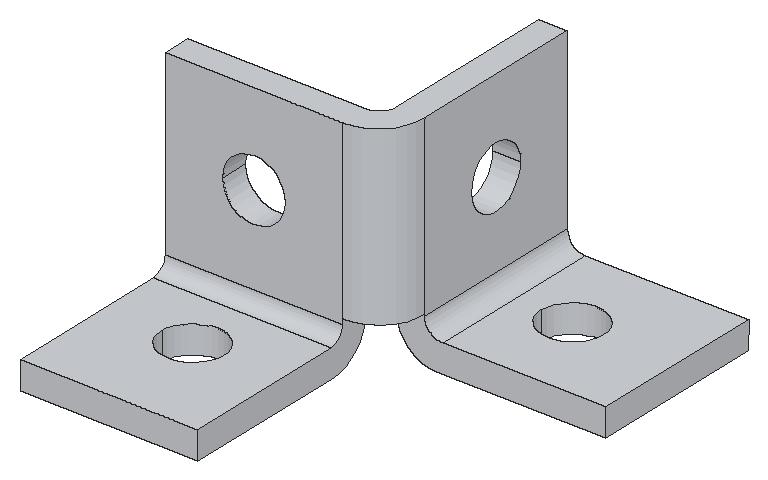
Revit family "Fitting-Wing_Shape-Unistrut-P2223", category Specialty Equipment, Revit 2012
Parameters (values of type "P2223")
  ecoScorecard_data = "http://products.ecoscorecard.com/atkore/P2223"
  ecoScorecard Product Page = "http://products.ecoscorecard.com/atkore/P2223?action=html"
  Weight Per Piece = 0.76 lbf
  Unit = none
  Unistrut Part Number = "P2223"  # constant formula
  URL = "http://unistrut.us/index.php"
  Thickness = 0' - 0 1/4"
  Subcategory = "Wing Shape Fittings"  # constant formula
  Product Page URL = "http://unistrut.us/index.php?WP=cat_detail&S=S05&P=P2223"
  Power Strut Part Number = "PS 665"  # constant formula
  Part Type = "Fitting"  # constant formula
  Overall Width = 0' - 3 1/2"
  Overall Length = 0' - 3 1/2"
  Overall Height = 0' - 2"
  Model = "P2223"
  Material = ""
  Manufacturer Phone - Toll Free = "800-882-5543"  # constant formula
  Manufacturer Phone = "708-339-1610"  # constant formula
  Manufacturer Fax = "708-339-7814"  # constant formula
  Manufacturer Email = "mailto:jshaw@atkore.com"
  Manufacturer Address = "16100 South Lathrop Avenue, Harvey, IL 60426"  # constant formula
  Manufacturer = "Unistrut by Atkore International"  # constant formula
  Load Capacity Note = "Visit the product page for load application and capacity."  # constant formula
  Literature URL = "http://unistrut.us/index.php?WP=LItLibrary"
  Hole Diameter = 0' - 0 9/16"
  Cost Info = "mailto:jshaw@atkore.com"
  CAD URL = "http://unistrut.us/index.php?WP=CAD3d"
  Assembly Code = "D5020100"
  95 CSI = "16070"  # constant formula
  04 CSI = "26 05 48"  # constant formula
Reference planes (in)
  plane 1 "Center (Front/Back)": y = 0
  plane 2: z = 0
  plane 3 "Center (Left/Right)": x = 0
  plane 4: z = 2
  plane 5: x = -1.75
  plane 6: x = 1.75
  plane 7: y = 1.75
  plane 8: y = -1.75
  plane 9: x = 1.875
  plane 10: y = -1.875
  plane 11: z = 0.25
  plane 12: x = 0.9375
  plane 13: y = -0.9375
  plane 14: y = 0.95374
  plane 15: x = -0.95374
  plane 16: z = 1.17776
Dimensions and locks (in)
  "Overall Height": plane 4 to plane 2
  equal spacing: plane 5, plane 3 "Center (Left/Right)", plane 6
  "Overall Width": plane 5 to plane 6
  equal spacing: plane 7, plane 1 "Center (Front/Back)", plane 8
  "Overall Length": plane 7 to plane 8
  plane 3 "Center (Left/Right)" to plane 9 = 0' - 1 7/8"
  plane 1 "Center (Front/Back)" to plane 10 = 0' - 1 7/8"
  "Thickness": plane 11 to plane 2
  aligned and locked: level to plane 2
  aligned and locked: level to nested 1
Nested families (in)
  nested 1: "2223" at (0, 0, 2) x (1, 0, 0) z (0, 0, -1), type "2223"
Definition of nested family "2223"
  Parameters (values of type "P223")
    Width = 0' - 3 1/2"
    Unit = none
    Thickness = 0' - 0 1/4"
    Height = 0' - 2"
    Radiuis = Diameter / 2  # 0' - 0 9/32"
    Length = 0' - 3 1/2"
    Diameter = 0' - 0 9/16"
    Default Elevation = 0' - 0"
    Bolt Length [instance] = 0' - 1 1/2"
  Reference planes (in)
    plane 1 "Center (Front/Back)": y = 0
    plane 2: z = 0
    plane 3 "Center (Left/Right)": x = 0
    plane 4: x = -1.75
    plane 5: x = 1.75
    plane 6: y = -1.75
    plane 7: y = 1.75
    plane 8: z = 2
    plane 9: z = 1.5748
    plane 10: y = 0.95374
    plane 11: z = 0.82224
    plane 12: x = -0.95374
    plane 13: x = 1.875
    plane 14: y = -1.875
  Forms (in)
    Extrusion 1, solid, material <- "Unit"
      sketch origin (0, 0, 0) x (1, 0, 0) y (0, 0, 1)
        loop
          line (0, 1.64449) -> (0, 0) -> (0.25, 0) -> (0.25, 1.58833)
          arc (0.25, 1.58833) -> (0.29735, 1.70265) -> (0.41167, 1.75) r 0.16167
          line (0.41167, 1.75) -> (1.875, 1.75) -> (1.875, 2) -> (0.35551, 2)
          arc (0.35551, 2) -> (0.10413, 1.89587) -> (0, 1.64449) r 0.35551
      from -1.75 to -0.15748
    Extrusion 2, solid, material <- "Unit"
      sketch origin (-1.98052, -2.24964, 0) x (0, -1, 0) y (0, 0, 1)
        loop
          line (-2.24964, 1.64449) -> (-2.24964, 0) -> (-1.99964, 0) -> (-1.99964, 1.62074)
          arc (-1.99964, 1.62074) -> (-1.96178, 1.71214) -> (-1.87038, 1.75) r 0.12926
          line (-1.87038, 1.75) -> (-0.37464, 1.75) -> (-0.37464, 2) -> (-1.89413, 2)
          arc (-1.89413, 2) -> (-2.14552, 1.89587) -> (-2.24964, 1.64449) r 0.35551
      from -1.82304 to -0.23052
    Extrusion 3, solid, material <- "Unit"
      sketch origin (0, 0, 0) x (1, 0, 0) y (0, 1, 0)
        loop
          arc (0, 0.15748) -> (-0.04612, 0.04612) -> (-0.15748, 0) r 0.15748
          line (-0.15748, 0) -> (-0.15748, -0.25)
          arc (-0.15748, -0.25) -> (0.13065, -0.13065) -> (0.25, 0.15748) r 0.40748
          line (0.25, 0.15748) -> (0, 0.15748)
      from 0 to 1.5748
    Extrusion 4, void
      sketch origin (0, 0, 0) x (0, 1, 0) y (0, 0, 1)
        loop
          circle (0.95374, 0.82224) r 0.28125
      from 0 to 0.25
    Extrusion 5, void
      sketch origin (0, 0, 0) x (1, 0, 0) y (0, 0, 1)
        loop
          circle (-0.95374, 0.82224) r 0.28125
      from 0 to 0.25
    Extrusion 6, void
      sketch origin (0, 0, 0) x (1, 0, 0) y (0, 1, 0)
        loop
          circle (0.9375, 0.95374) r 0.28125
        loop
          circle (-0.95374, -0.9375) r 0.28125
      from 1.75 to 2
  Cuts and joins
    Extrusion 4, Extrusion 5, Extrusion 6 cuts Extrusion 1
    Extrusion 4, Extrusion 5, Extrusion 6 cuts Extrusion 2
    Extrusion 4, Extrusion 5, Extrusion 6 cuts Extrusion 3
    joined: Extrusion 1, Extrusion 2, Extrusion 3
  Dimensions and locks (in)
    equal spacing: plane 4, plane 3 "Center (Left/Right)", plane 5
    "Width": plane 4 to plane 5
    equal spacing: plane 7, plane 1 "Center (Front/Back)", plane 6
    "Length": plane 7 to plane 6
    "Height": plane 8 to plane 2
    locked: plane 8 to plane 9 at 0.4252
    "Thickness": plane 8 to Extrusion 1 sketch curve
    "Thickness": Extrusion 1 sketch curve to plane 3 "Center (Left/Right)"
    locked: plane 1 "Center (Front/Back)" to Extrusion 1 at 0.15748
    locked: Extrusion 2 sketch curve to Extrusion 2 sketch curve at 0.25  (x2)
    locked: Extrusion 2 to plane 3 "Center (Left/Right)" at 0.15748
    plane 7 to plane 10 = 0' - 0.79626"
    equal spacing: cut or joined group of Extrusion 1, Extrusion 2, Extrusion 3, Extrusion 4, Extrusion 5, Extrusion 6, plane 12, plane 4
    locked: plane 3 "Center (Left/Right)" to plane 13 at 1.875
    locked: plane 6 to plane 14 at 0.125
    "Radiuis": radius of Extrusion 4 sketch curve
    "Radiuis": radius of Extrusion 5 sketch curve
    "Radiuis": radius of Extrusion 6 sketch curve  (x2)
    aligned and locked: level to plane 2
    aligned and locked: Extrusion 1 sketch curve to plane 3 "Center (Left/Right)"
    aligned and locked: Extrusion 1 sketch curve to plane 8
    aligned and locked: Extrusion 1 sketch curve to plane 2
    aligned and locked: plane 7 to Extrusion 1
    aligned and locked: Extrusion 2 sketch curve to plane 1 "Center (Front/Back)"
    aligned and locked: Extrusion 2 to level
    aligned and locked: Extrusion 3 to level
    aligned and locked: Extrusion 3 to plane 9
    aligned and locked: Extrusion 2 to plane 4
    aligned and locked: plane 10 to Extrusion 4 sketch curve
    aligned and locked: Extrusion 1 to Extrusion 4
    aligned and locked: plane 12 to Extrusion 5 sketch curve
    aligned and locked: Extrusion 2 to Extrusion 5  (x2)
    aligned and locked: Extrusion 1 sketch curve to plane 13
    aligned and locked: Extrusion 2 to plane 14
    aligned and locked: plane 10 to Extrusion 6 sketch curve
    aligned and locked: plane 12 to Extrusion 6 sketch curve
    aligned and locked: Extrusion 6 to Extrusion 1
    aligned and locked: Extrusion 1 to Extrusion 6
  Automatic sketch dimensions
    Extrusion 1 sketch curve to plane 9 = 0' - 0.06968"
    Extrusion 1 sketch curve to Extrusion 1 sketch curve = 0' - 0.05615"
    Extrusion 2 sketch curve to plane 8 = 0' - 0"
    Extrusion 2 sketch curve to plane 6 = 0' - 0 1/8"
    level to Extrusion 2 sketch curve = 0' - 0"
    Extrusion 2 sketch curve to plane 9 = 0' - 0.06968"
    Extrusion 2 sketch curve to Extrusion 2 sketch curve = 0' - 0.02375"
    plane 1 "Center (Front/Back)" to Extrusion 3 sketch curve = 0' - 0"
    Extrusion 3 sketch curve to plane 3 "Center (Left/Right)" = 0' - 0"
    Extrusion 3 sketch curve to plane 3 "Center (Left/Right)" = 0' - 0.15748"
    plane 3 "Center (Left/Right)" to Extrusion 3 sketch curve = 0' - 0 1/4"
    Extrusion 4 sketch curve to plane 11 = 0' - 0"
    Extrusion 5 sketch curve to plane 11 = 0' - 0"
    Extrusion 6 sketch curve to plane 5 = 0' - 0 13/16"
    plane 6 to Extrusion 6 sketch curve = 0' - 0 13/16"
